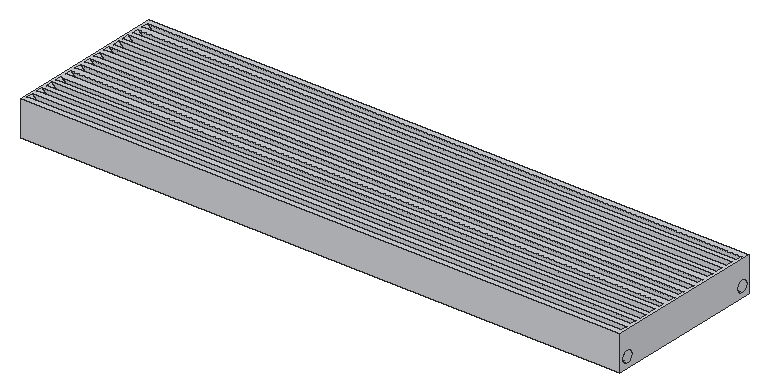
Revit family "SL14", category Mechanical Equipment, Revit 2017
Family settings
  Round Connector Dimension = Use Diameter
  Part Type = Normal
  OmniClass Number = 23.75.00.00
  OmniClass Title = Climate Control (HVAC)
  Work Plane-Based = No
  Always vertical = Yes
  Cut with Voids When Loaded = No
  Shared = No
  Room Calculation Point = No
Parameters
  Width = 323 mm
  Length = 1200 mm
  Height = 200 mm
Reference planes
  plane 1 "Center (Front/Back)": y = 0
  plane 2: z = 0
  plane 3 "Center (Left/Right)": x = 0
  plane 4: x = 0
  plane 5: x = -600
  plane 6: x = 600
  plane 7: x = -595
  plane 8: x = -580
  plane 9: x = 595
  plane 10: x = 580
  plane 11: x = 597
  plane 12: x = -597
  plane 13: z = 270
  plane 14: z = 255
  plane 15: z = 215
  plane 16: z = 200
  plane 17: y = -3
  plane 18: y = -323
  plane 19: y = -320
  plane 20: y = -305
  plane 21: y = -18
  plane 22: x = -530
  plane 23: x = 530
  plane 24: x = -533
  plane 25: x = 533
  plane 26 "Center": y = -161.5
Forms (mm)
  Extrusion 1, solid
    sketch origin (0, 0, 0) x (1, 0, 0) y (0, 0, 1)
      loop
        line (-600, 270) -> (-600, 200) -> (-595, 200) -> (-580, 215) -> (-580, 255) -> (-595, 270) -> (-600, 270)
      loop
        line (600, 270) -> (595, 270) -> (580, 255) -> (580, 215) -> (595, 200) -> (600, 200) -> (600, 270)
    from 0 to 323
  Extrusion 2, solid
    sketch origin (0, 0, 0) x (1, 0, 0) y (0, 1, 0)
      loop
        line (-595, 0) -> (-595, -11) -> (595, -11) -> (595, 0) -> (-595, 0)
    from 200 to 270
  Extrusion 3, solid
    sketch origin (0, -24, 0) x (1, 0, 0) y (0, 1, 0)
      loop
        line (-595, 0) -> (-595, -11) -> (595, -11) -> (595, 0) -> (-595, 0)
    from 200 to 270
  Extrusion 4, solid
    sketch origin (0, -48, 0) x (1, 0, 0) y (0, 1, 0)
      loop
        line (-595, 0) -> (-595, -11) -> (595, -11) -> (595, 0) -> (-595, 0)
    from 200 to 270
  Extrusion 5, solid
    sketch origin (0, -72, 0) x (1, 0, 0) y (0, 1, 0)
      loop
        line (-595, 0) -> (-595, -11) -> (595, -11) -> (595, 0) -> (-595, 0)
    from 200 to 270
  Extrusion 6, solid
    sketch origin (0, -96, 0) x (1, 0, 0) y (0, 1, 0)
      loop
        line (-595, 0) -> (-595, -11) -> (595, -11) -> (595, 0) -> (-595, 0)
    from 200 to 270
  Extrusion 7, solid
    sketch origin (0, -120, 0) x (1, 0, 0) y (0, 1, 0)
      loop
        line (-595, 0) -> (-595, -11) -> (595, -11) -> (595, 0) -> (-595, 0)
    from 200 to 270
  Extrusion 8, solid
    sketch origin (0, -144, 0) x (1, 0, 0) y (0, 1, 0)
      loop
        line (-595, 0) -> (-595, -11) -> (595, -11) -> (595, 0) -> (-595, 0)
    from 200 to 270
  Extrusion 9, solid
    sketch origin (0, -168, 0) x (1, 0, 0) y (0, 1, 0)
      loop
        line (-595, 0) -> (-595, -11) -> (595, -11) -> (595, 0) -> (-595, 0)
    from 200 to 270
  Extrusion 10, solid
    sketch origin (0, -192, 0) x (1, 0, 0) y (0, 1, 0)
      loop
        line (-595, 0) -> (-595, -11) -> (595, -11) -> (595, 0) -> (-595, 0)
    from 200 to 270
  Extrusion 11, solid
    sketch origin (0, -216, 0) x (1, 0, 0) y (0, 1, 0)
      loop
        line (-595, 0) -> (-595, -11) -> (595, -11) -> (595, 0) -> (-595, 0)
    from 200 to 270
  Extrusion 12, solid
    sketch origin (0, -240, 0) x (1, 0, 0) y (0, 1, 0)
      loop
        line (-595, 0) -> (-595, -11) -> (595, -11) -> (595, 0) -> (-595, 0)
    from 200 to 270
  Extrusion 13, solid
    sketch origin (0, -264, 0) x (1, 0, 0) y (0, 1, 0)
      loop
        line (-595, 0) -> (-595, -11) -> (595, -11) -> (595, 0) -> (-595, 0)
    from 200 to 270
  Extrusion 14, solid
    sketch origin (0, -288, 0) x (1, 0, 0) y (0, 1, 0)
      loop
        line (-595, 0) -> (-595, -11) -> (595, -11) -> (595, 0) -> (-595, 0)
    from 200 to 270
  Extrusion 15, solid
    sketch origin (0, -312, 0) x (1, 0, 0) y (0, 1, 0)
      loop
        line (-595, 0) -> (-595, -11) -> (595, -11) -> (595, 0) -> (-595, 0)
    from 200 to 270
  Extrusion 16, solid
    sketch origin (0, 0, 0) x (0, 1, 0) y (0, 0, 1)
      loop
        circle (-17.5, 222) r 10.5
      loop
        circle (-305.5, 222) r 10.5
    from -600 to -602
  Extrusion 17, solid
    sketch origin (0, 0, 0) x (0, 1, 0) y (0, 0, -1)
      loop
        circle (-17.5, -222) r 10.5
      loop
        circle (-305.5, -222) r 10.5
    from -600 to -602
Cuts and joins
  joined: Extrusion 1, Extrusion 2, Extrusion 3, Extrusion 4, Extrusion 5, Extrusion 6, Extrusion 7, Extrusion 8, Extrusion 9, Extrusion 10, Extrusion 11, Extrusion 12, Extrusion 13, Extrusion 14, Extrusion 15
Dimensions and locks
  equal spacing: plane 5, plane 4, plane 6
  "Length": plane 5 to plane 6
  locked: plane 7 to plane 8 at 15
  locked: plane 5 to plane 7 at 5
  locked: plane 9 to plane 10 at 15
  locked: plane 6 to plane 9 at 5
  locked: plane 11 to plane 6 at 3
  locked: plane 5 to plane 12 at 3
  "Height": plane 16 to level
  locked: plane 13 to plane 14 at 15
  locked: plane 13 to plane 16 at 70
  locked: plane 15 to plane 16 at 15
  "Width": plane 18 to plane 1 "Center (Front/Back)"
  locked: plane 23 to plane 6 at 70
  locked: plane 17 to plane 1 "Center (Front/Back)" at 3
  locked: plane 19 to plane 18 at 3
  locked: plane 21 to plane 1 "Center (Front/Back)" at 18
  locked: plane 20 to plane 18 at 18
  locked: plane 24 to plane 22 at 3
  locked: plane 23 to plane 25 at 3
  Extrusion 2 sketch curve to Extrusion 2 sketch curve = 11 mm
  Extrusion 3 sketch curve to Extrusion 3 sketch curve = 11 mm
  Extrusion 4 sketch curve to Extrusion 4 sketch curve = 11 mm
  Extrusion 5 sketch curve to Extrusion 5 sketch curve = 11 mm
  Extrusion 6 sketch curve to Extrusion 6 sketch curve = 11 mm
  Extrusion 7 sketch curve to Extrusion 7 sketch curve = 11 mm
  Extrusion 8 sketch curve to Extrusion 8 sketch curve = 11 mm
  Extrusion 9 sketch curve to Extrusion 9 sketch curve = 11 mm
  Extrusion 10 sketch curve to Extrusion 10 sketch curve = 11 mm
  Extrusion 11 sketch curve to Extrusion 11 sketch curve = 11 mm
  Extrusion 12 sketch curve to Extrusion 12 sketch curve = 11 mm
  Extrusion 13 sketch curve to Extrusion 13 sketch curve = 11 mm
  Extrusion 14 sketch curve to Extrusion 14 sketch curve = 11 mm
  Extrusion 15 sketch curve to Extrusion 15 sketch curve = 11 mm
  locked: plane 5 to plane 22 at 70
  equal spacing: plane 18, plane 26 "Center", plane 1 "Center (Front/Back)"
  locked: Extrusion 2 to Extrusion 2 at 11
  locked: Extrusion 3 to Extrusion 2 at 13
  plane 21 to Extrusion 3 to Extrusion 3 = 6 mm locked, 11 mm locked
  locked: Extrusion 4 to Extrusion 3 at 13
  locked: Extrusion 4 to Extrusion 4 at 11
  locked: Extrusion 5 to Extrusion 4 at 13
  locked: Extrusion 5 to Extrusion 5 at 11
  locked: Extrusion 6 to Extrusion 5 at 13
  locked: Extrusion 6 to Extrusion 6 at 11
  locked: Extrusion 7 to Extrusion 6 at 13
  locked: Extrusion 7 to Extrusion 7 at 11
  locked: Extrusion 8 to Extrusion 7 at 13
  locked: Extrusion 8 to Extrusion 8 at 11
  locked: Extrusion 9 to Extrusion 8 at 13
  locked: Extrusion 9 to Extrusion 9 at 11
  locked: Extrusion 10 to Extrusion 9 at 13
  locked: Extrusion 10 to Extrusion 10 at 11
  locked: Extrusion 11 to Extrusion 10 at 13
  locked: Extrusion 11 to Extrusion 11 at 11
  locked: Extrusion 12 to Extrusion 11 at 13
  locked: Extrusion 12 to Extrusion 12 at 11
  locked: Extrusion 13 to Extrusion 12 at 13
  locked: Extrusion 13 to Extrusion 13 at 11
  locked: Extrusion 14 to Extrusion 13 at 13
  locked: Extrusion 14 to Extrusion 14 at 11
  locked: Extrusion 15 to Extrusion 14 at 13
  locked: Extrusion 15 to Extrusion 15 at 11
  locked: plane 1 "Center (Front/Back)" to Extrusion 16 sketch curve at 17.5
  Extrusion 16 sketch curve to plane 16 = 22 mm
  locked: Extrusion 16 sketch curve to plane 18 at 17.5
  locked: Extrusion 16 sketch curve to plane 16 at 22
  locked: plane 5 to Extrusion 16 at 2
  locked: plane 6 to Extrusion 17 at 2
  aligned and locked: level to plane 2
  aligned and locked: plane 5 to Extrusion 1 sketch curve
  aligned and locked: Extrusion 1 sketch curve to plane 8
  aligned and locked: plane 16 to Extrusion 1 sketch curve
  aligned and locked: Extrusion 1 sketch curve to plane 13
  aligned and locked: Extrusion 1 sketch curve to plane 6
  aligned and locked: plane 13 to Extrusion 1 sketch curve
  aligned and locked: plane 10 to Extrusion 1 sketch curve
  aligned and locked: Extrusion 1 sketch curve to plane 16
  aligned and locked: plane 13 to Extrusion 2
  aligned and locked: Extrusion 2 to plane 16
  aligned and locked: Extrusion 15 to plane 9
  aligned and locked: Extrusion 14 to plane 9
  aligned and locked: Extrusion 13 to plane 9
  aligned and locked: Extrusion 12 to plane 9
  aligned and locked: Extrusion 11 to plane 9
  aligned and locked: Extrusion 10 to plane 9
  aligned and locked: Extrusion 9 to plane 9
  aligned and locked: Extrusion 8 to plane 9
  aligned and locked: Extrusion 7 to plane 9
  aligned and locked: Extrusion 6 to plane 9
  aligned and locked: Extrusion 5 to plane 9
  aligned and locked: Extrusion 4 to plane 9
  aligned and locked: Extrusion 3 to plane 9
  aligned and locked: Extrusion 2 to plane 9
  aligned and locked: plane 13 to Extrusion 15
  aligned and locked: plane 13 to Extrusion 14
  aligned and locked: plane 13 to Extrusion 13
  aligned and locked: plane 13 to Extrusion 12
  aligned and locked: plane 13 to Extrusion 11
  aligned and locked: plane 13 to Extrusion 10
  aligned and locked: plane 13 to Extrusion 9
  aligned and locked: plane 13 to Extrusion 8
  aligned and locked: plane 13 to Extrusion 7
  aligned and locked: plane 13 to Extrusion 6
  aligned and locked: plane 13 to Extrusion 5
  aligned and locked: plane 13 to Extrusion 4
  aligned and locked: plane 13 to Extrusion 3
  aligned and locked: Extrusion 15 to plane 16
  aligned and locked: Extrusion 14 to plane 16
  aligned and locked: Extrusion 13 to plane 16
  aligned and locked: Extrusion 12 to plane 16
  aligned and locked: Extrusion 11 to plane 16
  aligned and locked: Extrusion 10 to plane 16
  aligned and locked: Extrusion 9 to plane 16
  aligned and locked: Extrusion 8 to plane 16
  aligned and locked: Extrusion 7 to plane 16
  aligned and locked: Extrusion 6 to plane 16
  aligned and locked: Extrusion 5 to plane 16
  aligned and locked: Extrusion 4 to plane 16
  aligned and locked: Extrusion 3 to plane 16
  aligned and locked: Extrusion 1 to plane 18
  aligned and locked: plane 6 to Extrusion 17
  aligned and locked: plane 5 to Extrusion 16
Automatic sketch dimensions
  Extrusion 1 sketch curve to plane 7 = 0 mm  (x2)
  plane 9 to Extrusion 1 sketch curve = 0 mm  (x2)
  Extrusion 1 sketch curve to plane 15 = 0 mm  (x2)
  Extrusion 1 sketch curve to plane 14 = 0 mm  (x2)
  plane 1 "Center (Front/Back)" to Extrusion 2 sketch curve = 0 mm
  Extrusion 2 sketch curve to plane 7 = 0 mm
  Extrusion 2 sketch curve to plane 9 = 0 mm
  Extrusion 3 sketch curve to plane 7 = 0 mm
  Extrusion 3 sketch curve to plane 9 = 0 mm
  Extrusion 3 sketch curve to plane 21 = 17 mm
  Extrusion 4 sketch curve to plane 7 = 0 mm
  Extrusion 4 sketch curve to plane 9 = 0 mm
  Extrusion 4 sketch curve to plane 21 = 41 mm
  Extrusion 5 sketch curve to plane 7 = 0 mm
  Extrusion 5 sketch curve to plane 9 = 0 mm
  Extrusion 5 sketch curve to plane 21 = 65 mm
  Extrusion 6 sketch curve to plane 7 = 0 mm
  Extrusion 6 sketch curve to plane 9 = 0 mm
  plane 26 "Center" to Extrusion 6 sketch curve = 54.5 mm
  Extrusion 7 sketch curve to plane 7 = 0 mm
  Extrusion 7 sketch curve to plane 9 = 0 mm
  plane 26 "Center" to Extrusion 7 sketch curve = 30.5 mm
  Extrusion 8 sketch curve to plane 7 = 0 mm
  Extrusion 8 sketch curve to plane 9 = 0 mm
  plane 26 "Center" to Extrusion 8 sketch curve = 6.5 mm
  Extrusion 9 sketch curve to plane 7 = 0 mm
  Extrusion 9 sketch curve to plane 9 = 0 mm
  Extrusion 9 sketch curve to plane 26 "Center" = 17.5 mm
  Extrusion 10 sketch curve to plane 7 = 0 mm
  Extrusion 10 sketch curve to plane 9 = 0 mm
  Extrusion 10 sketch curve to plane 26 "Center" = 41.5 mm
  Extrusion 11 sketch curve to plane 7 = 0 mm
  Extrusion 11 sketch curve to plane 9 = 0 mm
  Extrusion 11 sketch curve to plane 26 "Center" = 65.5 mm
  Extrusion 12 sketch curve to plane 7 = 0 mm
  Extrusion 12 sketch curve to plane 9 = 0 mm
  plane 20 to Extrusion 12 sketch curve = 54 mm
  Extrusion 13 sketch curve to plane 7 = 0 mm
  Extrusion 13 sketch curve to plane 9 = 0 mm
  plane 20 to Extrusion 13 sketch curve = 30 mm
  Extrusion 14 sketch curve to plane 7 = 0 mm
  Extrusion 14 sketch curve to plane 9 = 0 mm
  plane 20 to Extrusion 14 sketch curve = 6 mm
  Extrusion 15 sketch curve to plane 7 = 0 mm
  Extrusion 15 sketch curve to plane 9 = 0 mm
  Extrusion 15 sketch curve to plane 18 = 0 mm
  Extrusion 17 sketch curve to plane 20 = 0.5 mm
  plane 21 to Extrusion 17 sketch curve = 0.5 mm
  Extrusion 17 sketch curve to plane 15 = 7 mm  (x2)
  radius of Extrusion 16 sketch curve = 10.5 mm  (x2)
  radius of Extrusion 17 sketch curve = 10.5 mm  (x2)
